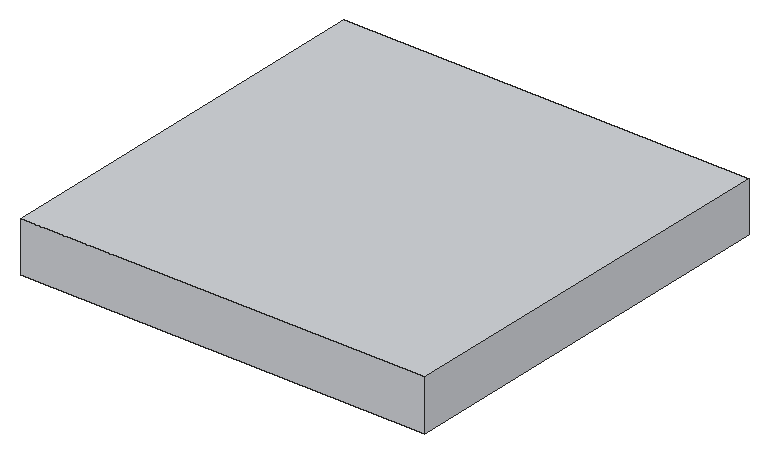
Revit family "00-8302-05-M1", category Luminarias, Revit 2019
Family settings
  Anfitrión = Cara
  Cota de conector redondo = Diámetro de uso
  Tipo de pieza = Normal
  Número OmniClass = 23.80.70.00
  Título OmniClass = Lighting
  Corte con vacíos al cargar = No
  Origen de luz = No
  Compartido = Sí
  Punto de cálculo de habitación = No
Parameters (values of type "00-8302-05-M1")
  Versión = "v1"
  Vatios (W) = 13
  Tipo de regulación = "DALI"
  Tipo = "Pendant"
  Tender text (English) = "LEDS C4 Dew 00-8302-05-M1  Pendant for indoor use.   For sideways lighting. Structure material: Aluminium. Structure finish: Black. Diffuser material: Polycarbonate. Diffuser finish: Opal. Warranty: 5 Years.  Product net weight (Kg): 1.11 Product length (mm): 995 Product width or diameter (mm): 43 Product height (mm): 38  Class 1. IP: IP20. LED. No. of lampholders or LEDs: 1. LED brand: SAMSUNG. Driver brand: MEAN WELL. Maximum power of light source: 10.5W. Colour temperature: 2700K. Colour rendering index: 90. MacAdam Steps: 3. Hours of life: 50.000h L80B20. UGR: 10.7. Photobiological risk: RG0. % de Flickering: &lt;5%. Real flux (lm): 782. Real lm/W: 60. Voltage / frequency range: 180-277/50-60Hz. Voltage: 3. Equipment included: Yes. Total power: 13. Power factor: 0.94. Dimmable equipment included: DALI."
  Tender text (Castellano) = "LEDS C4 Dew 00-8302-05-M1  Pendant for indoor use.   For sideways lighting. Structure material: Aluminium. Structure finish: Black. Diffuser material: Polycarbonate. Diffuser finish: Opal. Warranty: 5 Years.  Product net weight (Kg): 1.11 Product length (mm): 995 Product width or diameter (mm): 43 Product height (mm): 38  Class 1. IP: IP20. LED. No. of lampholders or LEDs: 1. LED brand: SAMSUNG. Driver brand: MEAN WELL. Maximum power of light source: 10.5W. Colour temperature: 2700K. Colour rendering index: 90. MacAdam Steps: 3. Hours of life: 50.000h L80B20. UGR: 10.7. Photobiological risk: RG0. % de Flickering: &lt;5%. Real flux (lm): 782. Real lm/W: 60. Voltage / frequency range: 180-277/50-60Hz. Voltage: 3. Equipment included: Yes. Total power: 13. Power factor: 0.94. Dimmable equipment included: DALI."
  Temperatura color led (K) = "LED warm-white 2700K"
  Referencia = "00-8302-05-M1"
  Rayo de luz = ""
  Producto descatalogado = "Catalogado EN"
  Pluma comercial = ""
  Peso neto (KG) = 1.11
  Material = "Aluminium, Polycarbonate"
  Lumenes reales (lm) = 782
  LDT = "https://files.leds-c4.com/ldt/00-8302-05-M1.html"
  Imagen web = "https://files.leds-c4.com/main-photo/00-8302-05-M1"
  IfcExportType = "NOTDEFINED"
  IfcExportAs = "IfcLightFixture\r\nIfcLightFixture"
  IP = "IP20"
  IMC = "https://files.leds-c4.com/imc/00-8302-05-M1.html"
  IK = ""
  Fuente de luz = ""
  Fotometría = "https://files.leds-c4.com/fm/00-8302-05-M1.html"
  Ficha = "https://files.leds-c4.com/ft/en/00-8302-05-M1.html"
  FechaVersion = "Creada: 23/12/2022"
  Familia = "Dew"
  Fabricante = "LEDS C4"  # constant formula
  Etiqueta V/f = "220-240V/50-60Hz"
  Elevación por defecto = 1000 mm
  Eficiencia energética = "F"
  EAN13 = "8435575369481"
  DescripcionUniformat2010 = "Lighting"
  DescripcionUniclass2015 = "Lighting"
  DescripcionOmniclass = "Lighting"
  DescripcionGubimclass = "Iluminación interior"
  CodigoUniformat2010 = "D5040"
  CodigoUniclass2015 = "EF_70_80"
  CodigoOmniclass = "21-04 50 40"
  CodigoGubimclass = "50.60.50.20"
  Catálogo = "Decorative"
  Carga aparente = 0 VA
  CRI = 90
  Acabado = "Black, Opal"
Reference planes
  plane 1 "Centro (Frontal/Posterior)": y = 0
  plane 2: z = 0
  plane 3 "Centro (Izquierda/Derecha)": x = 0
  plane 4 "Elevación de origen de luz": z = 0
  plane 5 "Eje de origen de luz (F/P)": y = 0
  plane 6 "Eje de origen de luz (I/D)": x = 0
Forms (mm)
  Extrusion 1, solid
    sketch origin (0, 0, 0) x (1, 0, 0) y (0, 1, 0)
      loop
        line (-1219.2, 1219.2) -> (-1219.2, -1219.2) -> (1219.2, -1219.2) -> (1219.2, 1219.2) -> (-1219.2, 1219.2)
    from 0 to -304.8
Dimensions and locks
  aligned and locked: plane 2 to Extrusion 1
  aligned and locked: level to Extrusion 1
Connectors
  electrical at (0, 0, 0)
    settings: on Extrusion 1, index 1, voltage 0 V, apparent load 0 VA, apparent load phase1 0 VA, apparent load phase2 0 VA, apparent load phase3 0 VA, power factor 1, load classification "Otro", number of poles 1, system type 31, power factor state 1, is connector primary yes, connector utility no, sub classification motor no, connector description ""
